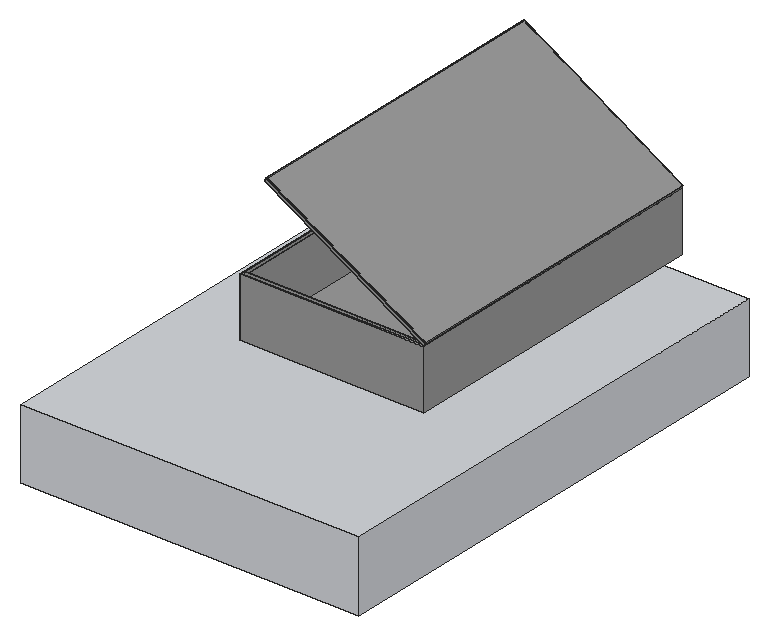
Revit family "Hager-Univers-IP55-D275-H1400-Cl.II-Steel_encl-PT-pt", category Equipement électrique, Revit 2020
Family settings
  Hôte = Face
  Configuration du panneau = Deux colonnes, circuits au sein
  Cote de connecteur circulaire = Utiliser le diamètre
  Type d'élément = Tableau de raccordement
  Couper avec des vides une fois chargée = Non
  Partagée = Non
  Point de calcul de pièce = Non
Parameters (values of type "Montagem em superfície (gesso) IP55 L800 A1400 P275  - FR93S")
  Width Control [instance] = if([EF000008 - Largura] > Min Width, [EF000008 - Largura], Min Width)  # 800 mm
  Commentaires du type = [HG000003 - Gama]  # "Univers"
  Thickness Door [instance] = if([EF009171 - Espessura do material da porta/tampa] > 3 mm, 3 mm, [EF009171 - Espessura do material da porta/tampa])  # 1.5 mm
  Seal Frame Offset [instance] = 17 mm  # constant formula
  Plinth Visibility [instance] = [HG000027 - Altura da Plinta] > 0 mm  # no
  Model = ""
  Min Width [instance] = 100 mm  # constant formula
  Min Height [instance] = 100 mm  # constant formula
  Min Depth [instance] = (2 * [EF009170 - Espessura do material do invólucro]) + 1 mm  # 4 mm
  Internal Frame Depth [instance] = (Door System Depth * 0.5)  # 9 mm
  Height Control [instance] = if([EF000040 - Altura] > Min Height, [EF000040 - Altura], Min Height)  # 1400 mm
  HG000027 - Altura da Plinta = 0 mm
  HG000026 - Instalação no chão = no
  HG000024 - Altura da secção inferior = 800 mm
  HG000023 - Recinto de secção dupla = no
  HG000016 - Visibilidade da porta 3D [instance] = yes
  HG000015 - Visibilidade através da porta [instance] = no
  HG000014 - Porta à direita [instance] = yes
  HG000013 - Porta à esquerda [instance] = not([HG000014 - Porta à direita])  # no
  HG000012 - Ângulo de abertura de porta [instance] = 30.00°
  HG000010 - Portas assimétricas = no
  HG000009 - Porta dupla = no
  HG000006 - Encastrado = no
  HG000004 - Referência do Fabricante = "FR93S"
  HG000003 - Gama = "Univers"
  HG000002 - Com porta ou tampa = yes
  Frame Offset Bottom [instance] = 10 mm  # constant formula
  Frame Offset [instance] = 15 mm  # constant formula
  EF015940 - Tampa com libertação de sobrepressão = no
  EF011959 - Grau de proteção (NEMA) = ""
  EF009554 - Número de aberturas para placas de flange = 6
  Fabricant = "Hager"  # constant formula
  EF009212 - Tipo de tampa = "EV000116 - Fechado"
  EF009171 - Espessura do material da porta/tampa = 1.5 mm
  EF009170 - Espessura do material do invólucro = 1.5 mm
  EF008873 - Corrente nominal (In) = 800 A
  EF007800 - Adequado para proteção contra raios = no
  EF006306 - Com fecho = no
  EF006244 - Tampa/porta transparente = no
  EF005474 - Grau de proteção (IP) = "EV006420 - IP55"
  EF004464 - Tipo de porta = "EV002646 - Único"
  EF004427 - Número de módulos = 324
  EF004293 - Força de impacto = "EV008784 - IK10"
  EF003532 - Adequado para uso no exterior = no
  EF002950 - Largura em número de módulos = 24
  EF001613 - Integridade do circuito = "EV000494 - Nenhum"
  EF001596 - Material do corpo = "EV000179 - Aço"
  EF001131 - Profundidade interior = 275 mm
  EF001088 - Extensão possível = yes
  EF000437 - Número de entradas de condutores = 6
  EF000339 - Tipo de difusor = "EV004216 - Porta"
  EF000266 - Número de linhas = 9
  EF000218 - Profundidade incorporada = 0 mm
  EF000118 - Com tampa de montagem = no
  EF000116 - Número RAL = "7035"
  EF000049 - Profundidade = 275 mm
  EF000040 - Altura = 1400 mm
  EF000008 - Largura = 800 mm
  EF000007 - Cor = "EV000270 - Cinzento"
  EF000003 - Método de montagem = "EV000384 - Montagem em superfície (gesso)"
  Door System Leaf Tolerance [instance] = 1.5 mm  # constant formula
  Door System Depth [instance] = 18 mm  # constant formula
  Door Height [instance] = Height Control - [HG000027 - Altura da Plinta]  # 1400 mm
  Depth Control [instance] = if([EF000049 - Profundidade] > Min Depth, [EF000049 - Profundidade], Min Depth)  # 275 mm
  Default Elevation = 0 mm
  Connector Offset [instance] = Height Control / 2  # 700 mm
  Bottom Top Plate Trim [instance] = 1.5 mm  # constant formula
  Plinth height Ctrl [instance] = if([HG000027 - Altura da Plinta] > 0 mm, [HG000027 - Altura da Plinta], 12 mm)  # 12 mm
Types (5, lengths in mm): name | Width Control | HG000010 - Portas assimétricas | HG000009 - Porta dupla | HG000004 - Referência do Fabricante | EF009554 - Número de aberturas para placas de flange | EF004464 - Tipo de porta | EF004427 - Número de módulos | EF000437 - Número de entradas de condutores | EF000008 - Largura
  Montagem em superfície (gesso) IP55 L1050 A1400 P275  - FR94S | 1050 | no | yes | "FR94S" | 8 | "EV003602 - Duplo" | 432 | 8 | 1050
  Montagem em superfície (gesso) IP55 L1300 A1400 P275  - FR95S | 1300 | yes | yes | "FR95S" | 10 | "EV003602 - Duplo" | 540 | 10 | 1300
  Montagem em superfície (gesso) IP55 L300 A1400 P275  - FR91S | 300 | no | no | "FR91S" | 2 | "EV002646 - Único" | 108 | 2 | 300
  Montagem em superfície (gesso) IP55 L550 A1400 P275  - FR92S | 550 | no | no | "FR92S" | 4 | "EV002646 - Único" | 216 | 4 | 550
  Montagem em superfície (gesso) IP55 L800 A1400 P275  - FR93S | 800 | no | no | "FR93S" | 6 | "EV002646 - Único" | 324 | 6 | 800
Reference planes
  plane 1 "Center (Front/Back)": y = 0
  plane 2: z = 0
  plane 3 "Center (Left/Right)": x = 0
  plane 4: z = 275
  plane 5: y = 1.5
  plane 6: y = 700
  plane 7: y = 0
  plane 8: y = 1400
  plane 9: z = 0
  plane 10: x = -385
  plane 11: x = 385
  plane 12: x = 383.5
  plane 13: x = -383.5
  plane 14: y = 1398.5
  plane 15: x = -383
  plane 16: x = -400
  plane 17: x = 383
  plane 18: x = 400
  plane 19: x = 398.5
  plane 20: x = -398.5
  plane 21: y = 11.5
  plane 22: y = 1400
  plane 23: y = 1383.5
  plane 24: z = 257
  plane 25: z = 1.5
  plane 26: z = 255.5
  plane 27: z = 273.5
Forms (mm)
  Extrusion 1, solid
    sketch origin (0, 0, 0) x (1, 0, 0) y (0, 1, 0)
      loop
        line (-702.964, 1305) -> (-702.964, -811.445) -> (766.763, -811.445) -> (766.763, 1305) -> (-702.964, 1305)
    from 0 to -304.8
  Extrusion 2, solid, material "Hager_Steel_RAL7035_Light_Grey", visible <- "Plinth Visibility", detail levels medium+fine
    sketch origin (0, 0, 0) x (1, 0, 0) y (0, 1, 0)
      loop
        line (-400, 0) -> (400, 0) -> (400, 12) -> (-400, 12) -> (-400, 0)
    from 0 to 257
  Extrusion 3, solid, material "Hager_Steel_RAL7035_Light_Grey", detail levels medium+fine
    sketch origin (0, 0, 0) x (1, 0, 0) y (0, 1, 0)
      loop
        line (-400, 0) -> (400, 0) -> (400, 1400) -> (-400, 1400) -> (-400, 0)
    from 0 to 257
  Extrusion 4, void
    sketch origin (0, 0, 0) x (1, 0, 0) y (0, 1, 0)
      loop
        line (-398.5, 1.5) -> (398.5, 1.5) -> (398.5, 1398.5) -> (-398.5, 1398.5) -> (-398.5, 1.5)
    from 1.5 to 255.5
  Extrusion 5, void
    sketch origin (-381.607, -4572, 257) x (0, -1, 0) y (-1, 0, 0)
      loop
        line (-4583.5, 1.893) -> (-5955.5, 1.893) -> (-5955.5, -765.107) -> (-4583.5, -765.107) -> (-4583.5, 1.893)
    from 0 to 1.5 <- "EF009170 - Espessura do material do invólucro"
  Extrusion 6, solid, material "Hager_Steel_RAL7035_Light_Grey", detail levels fine
    sketch origin (0, 0, 257) x (1, 0, 0) y (0, 1, 0)
      loop
        line (-383.5, 1383.5) -> (-383.5, 11.5) -> (383.5, 11.5) -> (383.5, 1383.5) -> (-383.5, 1383.5)
      loop
        line (-385, 10) -> (385, 10) -> (385, 1385) -> (-385, 1385) -> (-385, 10)
    from 0 to 9 <- "Internal Frame Depth"
  Extrusion 7, solid, material "Hager_Steel_RAL7035_Light_Grey", detail levels coarse
    sketch origin (0, 0, 0) x (1, 0, 0) y (0, 1, 0)
      loop
        line (-400, 0) -> (400, 0) -> (400, 1400) -> (-400, 1400) -> (-400, 0)
    from 0 to 275
  Sweep 8, void
    path in 3D
      loop
        line (-400, 12, 0) -> (400, 12, 0) -> (400, 12, 257) -> (-400, 12, 257) -> (-400, 12, 0)
    profile origin (-400, 12, 128.5) x (-1, 0, 0) y (0, -1, 0)
      loop
        line (0, 0) -> (0, 1.5) -> (-1.5, 1.5)
        arc (-1.5, 1.5) -> (-1.061, 0.439) -> (0, 0) r 1.5
Cuts and joins
  Extrusion 4, Extrusion 5 cuts Extrusion 3
  Sweep 8 cuts Extrusion 2
Lines and regions (mm)
  Masking region 1
    outline origin (0, 0, 0) x (1, 0, 0) y (0, 0, 1)
      loop
        line (-400, 275) -> (-400, 0) -> (400, 0) -> (400, 275) -> (-400, 275)
  Masking region 2, detail levels medium+fine
    outline origin (0, 140, 0) x (0, 1, 0) y (0, 0, 1)
      loop
        line (-140, 0) -> (1260, 0) -> (1260, 257) -> (-140, 257) -> (-140, 0)
  Masking region 3, not visible, detail levels medium+fine
    outline origin (0, 297.922, 0) x (0, 1, 0) y (0, 0, 1)
      loop
        line (413.578, 0) -> (453.578, 0) -> (453.578, 263.5)
        arc (453.578, 263.5) -> (450.649, 270.571) -> (443.578, 273.5) r 10
        line (443.578, 273.5) -> (413.578, 273.5) -> (413.578, 0)
  Masking region 4, detail levels coarse
    outline origin (0, 0, 180) x (0, 1, 0) y (0, 0, 1)
      loop
        line (0, -180) -> (1400, -180) -> (1400, 95) -> (0, 95) -> (0, -180)
  Masking region 5, visible <- "Plinth Visibility", detail levels medium+fine
    outline origin (0, 52.24, 12.345) x (0, 0, -1) y (0, 1, 0)
      loop
        line (10.845, -40.24) -> (-243.155, -40.24)
        arc (-243.155, -40.24) -> (-243.594, -41.301) -> (-244.655, -41.74) r 1.5
        line (-244.655, -41.74) -> (-244.655, -52.24) -> (12.345, -52.24) -> (12.345, -41.74)
        arc (12.345, -41.74) -> (11.285, -41.301) -> (10.845, -40.24) r 1.5
  Masking region 6, detail levels medium+fine
    outline origin (-381.607, -4572, 257) x (-1, 0, 0) y (0, -1, 0)
      loop
        line (18.393, -5972) -> (18.393, -4572) -> (-781.607, -4572) -> (-781.607, -5972) -> (18.393, -5972)
  Masking region 7, visible <- "Plinth Visibility", detail levels medium+fine
    outline origin (-381.607, -4727, 257) x (-1, 0, 0) y (0, -1, 0)
      loop
        arc (16.893, -4739) -> (17.332, -4737.939) -> (18.393, -4737.5) r 1.5
        line (18.393, -4737.5) -> (18.393, -4727) -> (-781.607, -4727) -> (-781.607, -4737.5)
        arc (-781.607, -4737.5) -> (-780.546, -4737.939) -> (-780.107, -4739) r 1.5
        line (-780.107, -4739) -> (16.893, -4739)
  Masking region 8, detail levels coarse
    outline origin (-442.548, -4669.526, 257) x (-1, 0, 0) y (0, -1, 0)
      loop
        line (-42.548, -6069.526) -> (-42.548, -4669.526) -> (-842.548, -4669.526) -> (-842.548, -6069.526) -> (-42.548, -6069.526)
  sketch lines
    curve 1: line (-400, 12, 257) -> (-400, 12, 0)
    curve 2: line (400, 12, 257) -> (-400, 12, 257)
    curve 3: line (400, 12, 257) -> (400, 12, 0)
    curve 4: line (-400, 12, 0) -> (400, 12, 0)
Dimensions and locks
  "Depth Control": plane 4 to Extrusion 1
  "HG000027 - Altura da Plinta": plane 1 "Center (Front/Back)" to plane 7
  "EF009170 - Espessura do material do invólucro": plane 5 to plane 7
  locked: connector elem to plane 3 "Center (Left/Right)"
  equal spacing: plane 8, plane 6, plane 7
  locked: connector elem to plane 6
  "EF009170 - Espessura do material do invólucro": plane 8 to plane 14
  "EF009170 - Espessura do material do invólucro": plane 10 to plane 13
  "EF009170 - Espessura do material do invólucro": plane 12 to plane 11
  "Frame Offset": plane 20 to plane 13
  "Frame Offset": plane 12 to plane 19
  "EF009170 - Espessura do material do invólucro": plane 16 to plane 20
  "EF009170 - Espessura do material do invólucro": plane 19 to plane 18
  "Seal Frame Offset": plane 16 to plane 15
  "Seal Frame Offset": plane 17 to plane 18
  "Frame Offset Bottom": plane 21 to plane 5
  "Frame Offset": plane 14 to plane 23
  equal spacing: plane 16, plane 3 "Center (Left/Right)", plane 18
  "Width Control": plane 16 to plane 18
  "EF009170 - Espessura do material do invólucro": plane 4 to plane 27
  "EF009170 - Espessura do material do invólucro": plane 24 to plane 26
  "EF009170 - Espessura do material do invólucro": plane 25 to level
  "Door System Depth": plane 4 to plane 24
  "Height Control": plane 1 "Center (Front/Back)" to Extrusion 7 sketch curve
  "Height Control": Masking region 4 sketch curve to plane 1 "Center (Front/Back)"
  "Height Control": plane 1 "Center (Front/Back)" to plane 22
  "Bottom Top Plate Trim": profile plane to Sweep 8 sketch curve
  "Bottom Top Plate Trim": Sweep 8 sketch curve to profile plane
  "Plinth height Ctrl": plane 1 "Center (Front/Back)" to Extrusion 2 sketch curve
  "Plinth height Ctrl": Masking region 5 sketch curve to plane 1 "Center (Front/Back)"
  "Plinth height Ctrl": plane 1 "Center (Front/Back)" to Masking region 7 sketch curve
  "Thickness Door": Extrusion 6 sketch curve to Extrusion 6 sketch curve  (x3)
  "Thickness Door": cut or joined group of Extrusion 3, Extrusion 4, Extrusion 5 to Extrusion 6 sketch curve
  radius of Masking region 3 sketch curve = 10 mm
  "Bottom Top Plate Trim": radius of Masking region 5 sketch curve  (x2)
  "Bottom Top Plate Trim": radius of Sweep 8 sketch curve
  "Bottom Top Plate Trim": radius of Masking region 7 sketch curve  (x2)
  aligned and locked: plane 2 to Extrusion 1
  aligned and locked: level to Extrusion 1
  aligned and locked: level to Masking region 1 sketch curve
  aligned and locked: Masking region 1 sketch curve to plane 18
  aligned and locked: Masking region 1 sketch curve to plane 16
  aligned and locked: plane 7 to Masking region 2 sketch curve
  aligned and locked: level to Masking region 3 sketch curve
  aligned and locked: Masking region 3 sketch curve to plane 27
  aligned and locked: level to Masking region 2 sketch curve
  aligned and locked: plane 1 "Center (Front/Back)" to Extrusion 2 sketch curve
  aligned and locked: Extrusion 3 sketch curve to plane 7
  aligned and locked: plane 16 to Extrusion 3 sketch curve
  aligned and locked: plane 18 to Extrusion 3 sketch curve
  aligned and locked: plane 20 to Extrusion 4 sketch curve
  aligned and locked: plane 19 to Extrusion 4 sketch curve
  aligned and locked: Extrusion 4 sketch curve to plane 5
  aligned and locked: Extrusion 4 to plane 25
  aligned and locked: plane 26 to Extrusion 4
  aligned and locked: plane 24 to Extrusion 3
  aligned and locked: Extrusion 5 sketch curve to plane 21
  aligned and locked: Extrusion 5 sketch curve to plane 13
  aligned and locked: Extrusion 5 sketch curve to plane 12
  aligned and locked: plane 18 to Extrusion 7 sketch curve
  aligned and locked: plane 1 "Center (Front/Back)" to Extrusion 7 sketch curve
  aligned and locked: plane 16 to Extrusion 7 sketch curve
  aligned and locked: plane 4 to Extrusion 7
  aligned and locked: Extrusion 7 to level
  aligned and locked: level to Masking region 4 sketch curve
  aligned and locked: Masking region 4 sketch curve to plane 1 "Center (Front/Back)"
  aligned and locked: Masking region 4 sketch curve to plane 4
  aligned and locked: nested 1 to level
  aligned and locked: nested 1 to plane 16
  aligned and locked: plane 8 to Extrusion 3 sketch curve
  aligned and locked: plane 23 to Extrusion 5 sketch curve
  aligned and locked: plane 14 to Extrusion 4 sketch curve
  aligned and locked: Masking region 2 sketch curve to plane 8
  aligned and locked: level to Masking region 5 sketch curve
  aligned and locked: plane 16 to Extrusion 2 sketch curve
  aligned and locked: plane 18 to Extrusion 2 sketch curve
  aligned and locked: Masking region 5 sketch curve to plane 24
  aligned and locked: Masking region 2 sketch curve to plane 24
  aligned and locked: plane 24 to Extrusion 2
  aligned and locked: profile plane to Sweep 8 sketch curve  (x2)
  aligned and locked: Masking region 6 sketch curve to plane 18
  aligned and locked: Masking region 6 sketch curve to plane 22
  aligned and locked: Masking region 6 sketch curve to plane 16
  aligned and locked: plane 8 to plane 22
  aligned and locked: Masking region 6 sketch curve to plane 7
  aligned and locked: Masking region 7 sketch curve to plane 16
  aligned and locked: Masking region 7 sketch curve to plane 1 "Center (Front/Back)"
  aligned and locked: Masking region 7 sketch curve to plane 18
  aligned and locked: Masking region 8 sketch curve to plane 1 "Center (Front/Back)"
  aligned and locked: Masking region 8 sketch curve to plane 18
  aligned and locked: Masking region 8 sketch curve to plane 22
  aligned and locked: Masking region 8 sketch curve to plane 16
  aligned and locked: nested 2 to plane 7
  aligned and locked: plane 3 "Center (Left/Right)" to nested 2
  aligned and locked: nested 2 to plane 24
  aligned and locked: Extrusion 6 sketch curve to cut or joined group of Extrusion 3, Extrusion 4, Extrusion 5  (x4)
Automatic sketch dimensions
  Extrusion 1 sketch curve to Extrusion 1 sketch curve = 1469.727 mm
  Extrusion 1 sketch curve to Extrusion 1 sketch curve = 2116.445 mm
  Masking region 1 sketch curve to plane 4 = 0 mm
  plane 6 to Masking region 3 sketch curve = 11.5 mm
  Masking region 3 sketch curve to Masking region 3 sketch curve = 30 mm
  Masking region 5 sketch curve to plane 1 "Center (Front/Back)" = 0 mm
Nested families
  nested 1: "Hager_Enclosure_Symbol" at (-400, 0, 0) x (1, 0, 0) z (0, -1, 0), Height <- "Depth Control", Width <- "Width Control", type "Hager_Enclosure_Symbol"
    with Width_Ctrl 800 mm, Width 800 mm, Height_Ctrl 275 mm, Height 275 mm, A_Width_Int 18.047 mm, A_Width 216.562 mm, A_Height_Ctrl 240.625 mm, A_Height 240.625 mm
  nested 2: "EC000058_Univers_Door" at (0, 0, 257) x (1, 0, 0) z (0, 1, 0), Leaf_Tolerance <- "Door System Leaf Tolerance", Angle <- "HG000012 - Ângulo de abertura de porta", Door_Depth <- "Door System Depth", Door_Left <- "HG000013 - Porta à esquerda", Transparent <- "EF006244 - Tampa/porta transparente", Assymetrical <- "HG000010 - Portas assimétricas", Width <- "Width Control", Clearance <- "HG000015 - Visibilidade através da porta", Double <- "HG000009 - Porta dupla", 3d_Door <- "HG000016 - Visibilidade da porta 3D", Lock_Visibility <- "EF006306 - Com fecho", Width_Ctrl <- "Width Control", Door_Right <- "HG000014 - Porta à direita", Door <- "HG000002 - Com porta ou tampa", Height <- "Door Height", Thickness <- "Thickness Door", type "EC000058_Univers_Door", detail levels medium+fine
    with min_wh 4 mm, Width_Ctrl 800 mm, Width 800 mm, Transparent no, Thickness 1.5 mm, Seal_Material Hager_Rubber, Lock_Visibility no, Lock_Material Hager_Plastic_RAL9005_Jet_Black, Leaf_Width 800 mm, Leaf_Tolerance_External_Sides 0 mm, Leaf_Tolerance 1.5 mm, Leaf_Offset 0 mm, Leaf_Height 1397 mm, Leaf_2_Width 800 mm, Leaf_2_Offset 400 mm, Leaf_1_Width 800 mm, Leaf_1_Offset 400 mm, Height_Ctrl 1400 mm, Height 1400 mm, Glass_Material Hager_Glass, Double_Clearance_Ctrl no, Double no, Door_Right_Ctrl yes, Door_Right yes, Door_Material Hager_Steel_RAL7035_Light_Grey, Door_Left_Ctrl no, Door_Left no, Door_Depth 18 mm, Door yes, Clearance_Material Hager_Clearance, Clearance_Depth 800 mm, Clearance_Ctrl no, Clearance no, Assymetrical no, Angle 30.00°, 3d_Door yes
Connectors
  electrical at (0, 700, 0)
    settings: on plane 9, index 1, voltage 0 V, apparent load 0 VA, apparent load phase1 0 VA, apparent load phase2 0 VA, apparent load phase3 0 VA, power factor 1, load classification "Other", number of poles 1, system type 30, power factor state 1, is connector primary yes, connector utility no, sub classification motor no, connector description ""
Definition of nested family "EC000058_Univers_Door"
  Parameters (values of type "EC000058_Univers_Door")
    min_wh [instance] = (2 * Thickness) + 1 mm  # 11 mm
    Width_Ctrl [instance] = 400 mm
    Width [instance] = 500 mm
    Transparent [instance] = yes
    Thickness [instance] = 5 mm
    Seal_Material [instance] = none
    Lock_Visibility [instance] = yes
    Lock_Material [instance] = none
    Leaf_Width [instance] = if((Width_Ctrl - 2 * Leaf_Tolerance_External_Sides) > 0 mm, (Width_Ctrl - 2 * Leaf_Tolerance_External_Sides), min_wh)  # 400 mm
    Leaf_Tolerance_External_Sides [instance] = 0 mm  # constant formula
    Leaf_Tolerance [instance] = 1.5 mm
    Leaf_Offset [instance] = 0 mm  # constant formula
    Leaf_Height [instance] = if((Height_Ctrl - 2 * Leaf_Tolerance) > 0 mm, (Height_Ctrl - 2 * Leaf_Tolerance), min_wh)  # 497 mm
    Leaf_2_Width [instance] = if(and(and(Double, Assymetrical), Door_Left), (Leaf_Width / 3) - (Leaf_Tolerance / 2), if(and(and(Double, Assymetrical), Door_Right), (Leaf_Width / 3) * 2 - (Leaf_Tolerance / 2), if(and(Double, not(Assymetrical)), (Leaf_Width / 2) - Leaf_Tolerance, Leaf_Width)))  # 400 mm
    Leaf_2_Offset [instance] = if(and(Double, Assymetrical), Leaf_2_Width / 2, if(and(Double, not(Assymetrical)), Leaf_Width / 4, Leaf_Width / 2))  # 200 mm
    Leaf_1_Width [instance] = if(and(and(Double, Assymetrical), Door_Right), (Leaf_Width / 3) - (Leaf_Tolerance / 2), if(and(and(Double, Assymetrical), Door_Left), (Width / 3) * 2 - (Leaf_Tolerance / 2), if(and(Double, not(Assymetrical)), (Leaf_Width / 2) - Leaf_Tolerance, Leaf_Width)))  # 400 mm
    Leaf_1_Offset [instance] = if(and(Double, Assymetrical), Leaf_1_Width / 2, if(and(Double, not(Assymetrical)), Leaf_Width / 4, Leaf_Width / 2))  # 200 mm
    Height_Ctrl [instance] = if(Height > min_wh, Height, min_wh)  # 500 mm
    Height [instance] = 500 mm
    Glass_Material [instance] = none
    Double_Clearance_Ctrl [instance] = and(Double, Clearance)  # no
    Double [instance] = no
    Door_Right_Ctrl [instance] = and(or(Door_Right, Double), Door)  # yes
    Door_Right [instance] = yes
    Door_Material [instance] = none
    Door_Left_Ctrl [instance] = and(or(Door_Left, Double), Door)  # no
    Door_Left [instance] = no
    Door_Depth [instance] = 30 mm
    Door [instance] = yes
    Default Elevation = 1219.2 mm
    Clearance_Material [instance] = none
    Clearance_Depth [instance] = if(Leaf_1_Width > Leaf_2_Width, Leaf_1_Width, Leaf_2_Width)  # 400 mm
    Clearance_Ctrl [instance] = and(not(Double), Clearance)  # yes
    Clearance [instance] = yes
    Assymetrical [instance] = yes
    Angle [instance] = 30.00°
    3d_Door [instance] = yes
  Reference planes
    plane 1 "Center (Front/Back)": y = 0
    plane 2 "Bottom": z = 0
    plane 3 "Center (Left/Right)": x = 0
    plane 4: z = 500
    plane 5: x = -200
    plane 6: x = 200
    plane 7: z = 500
    plane 8: x = -200
    plane 9: z = 0
    plane 10: x = 200
    plane 11: y = 0
    plane 12: z = 1.5
    plane 13: x = -600
    plane 14: y = -400
    plane 15: x = 600
    plane 16: x = 0
    plane 17: x = 0
    plane 18: x = -200
    plane 19: x = 200
    plane 20: z = 498.5
  Forms (mm)
    Extrusion 1, solid, material <- "Clearance_Material", visible <- "Double_Clearance_Ctrl"
      sketch origin (1200, 0, 0) x (1, 0, 0) y (0, 0, -1)
        loop
          line (-1800, -498.5) -> (-600, -498.5) -> (-600, 0) -> (-1800, 0) -> (-1800, -498.5)
      from 0 to -400
  Dimensions and locks
    equal spacing: plane 5, plane 3 "Center (Left/Right)", plane 6
    "Width_Ctrl": plane 5 to plane 6
    "Leaf_Offset": plane 5 to plane 8
    "Leaf_Offset": plane 6 to plane 10
    "Leaf_Offset": plane 9 to level
    "Leaf_Offset": plane 4 to plane 7
    "Height_Ctrl": plane 4 to level
    "Leaf_Tolerance": plane 12 to plane 9
    locked: plane 11 to plane 1 "Center (Front/Back)"
    "Leaf_1_Offset": plane 18 to plane 16
    "Leaf_2_Offset": plane 17 to plane 19
    "Leaf_1_Width": plane 13 to plane 8
    "Leaf_2_Width": plane 10 to plane 15
    "Clearance_Depth": plane 14 to plane 1 "Center (Front/Back)"
    "Leaf_Tolerance_External_Sides": plane 8 to plane 18
    "Leaf_Tolerance_External_Sides": plane 19 to plane 10
    "Leaf_Tolerance": plane 7 to plane 20
    aligned and locked: level to plane 2 "Bottom"
    aligned and locked: nested 1 to plane 16
    aligned and locked: nested 2 to plane 17
    aligned and locked: Extrusion 1 to plane 13
    aligned and locked: plane 15 to Extrusion 1
    aligned and locked: Extrusion 1 to plane 14
    aligned and locked: plane 12 to nested 1
    aligned and locked: nested 2 to plane 12
    aligned and locked: Extrusion 1 to plane 11
    aligned and locked: plane 20 to Extrusion 1
    aligned and locked: nested 2 to plane 11
    aligned and locked: nested 1 to plane 11
  Automatic sketch dimensions
    Extrusion 1 sketch curve to level = 0 mm
    plane 5 to Extrusion 1 sketch curve = 400 mm
    plane 6 to Extrusion 1 sketch curve = 400 mm
    Extrusion 1 sketch curve to plane 4 = 1.5 mm
  Nested families
    nested 1: "EC000058_Univers_Door_Leaf" at (0, 0, 1.5), Width <- "Leaf_1_Width", visible <- "Door_Left_Ctrl", Leaf_Height <- "Leaf_Height", Angle <- "Angle", 3d_Door <- "3d_Door", Transparent <- "Transparent", Clearance Material <- "Clearance_Material", Clearance <- "Clearance_Ctrl", Door_Material <- "Door_Material", Glass_Material <- "Glass_Material", Door_Depth <- "Door_Depth", Lock_Material <- "Lock_Material", Seal_Material <- "Seal_Material", Lock_Visibility <- "Lock_Visibility", Thickness <- "Thickness", type "EC000058_Univers_Door_Leaf"
      with Width 400 mm, Transparent_Glass_Offset 30 mm, Transparent_Ctrl yes, Transparent yes, Thickness 5 mm, Standard no, Seal_Material none, Seal_D2 8 mm, Seal_D1 1 mm, Offset_Internal_Frame 10 mm, Lock_Width 20 mm, Lock_Visibility_3d yes, Lock_Visibility yes, Lock_Thickness_3 3 mm, Lock_Thickness_2 1 mm, Lock_Thickness_1 3 mm, Lock_Radius_Offset_2 16 mm, Lock_Radius_Offset_1 15 mm, Lock_Radius_2 5 mm, Lock_Radius 6 mm, Lock_Offset 5 mm, Lock_Material none, Lock_Height 80 mm, Lock_Cover_Top_Offset_2d 17 mm, Lock_Cover_Height -65 mm, Leaf_Height 497 mm, Internal_Seal_Thickness 8 mm, Internal_Seal_Depth_2 4.5 mm, Internal_Frame_Depth 25 mm, Glass_Thickness -1 mm, Glass_Offset -2 mm, Glass_Material none, Door_Material none, Door_Depth 30 mm, Clearance Material none, Clearance yes, Angle_Ctrl 30.00°, Angle 30.00°, 3d_Door yes
    nested 2: "EC000058_Univers_Door_Leaf" at (0, 0, 1.5) x (-1, 0, 0) z (0, 0, 1), Width <- "Leaf_2_Width", visible <- "Door_Right_Ctrl", Leaf_Height <- "Leaf_Height", Angle <- "Angle", 3d_Door <- "3d_Door", Transparent <- "Transparent", Clearance Material <- "Clearance_Material", Clearance <- "Clearance_Ctrl", Door_Material <- "Door_Material", Glass_Material <- "Glass_Material", Door_Depth <- "Door_Depth", Lock_Material <- "Lock_Material", Seal_Material <- "Seal_Material", Lock_Visibility <- "Lock_Visibility", Thickness <- "Thickness", type "EC000058_Univers_Door_Leaf"
      with Width 400 mm, Transparent_Glass_Offset 30 mm, Transparent_Ctrl yes, Transparent yes, Thickness 5 mm, Standard no, Seal_Material none, Seal_D2 8 mm, Seal_D1 1 mm, Offset_Internal_Frame 10 mm, Lock_Width 20 mm, Lock_Visibility_3d yes, Lock_Visibility yes, Lock_Thickness_3 3 mm, Lock_Thickness_2 1 mm, Lock_Thickness_1 3 mm, Lock_Radius_Offset_2 16 mm, Lock_Radius_Offset_1 15 mm, Lock_Radius_2 5 mm, Lock_Radius 6 mm, Lock_Offset 5 mm, Lock_Material none, Lock_Height 80 mm, Lock_Cover_Top_Offset_2d 17 mm, Lock_Cover_Height -65 mm, Leaf_Height 497 mm, Internal_Seal_Thickness 8 mm, Internal_Seal_Depth_2 4.5 mm, Internal_Frame_Depth 25 mm, Glass_Thickness -1 mm, Glass_Offset -2 mm, Glass_Material none, Door_Material none, Door_Depth 30 mm, Clearance Material none, Clearance yes, Angle_Ctrl 30.00°, Angle 30.00°, 3d_Door yes
  Definition of nested family "EC000058_Univers_Door_Leaf"
    Parameters (values of type "EC000058_Univers_Door_Leaf")
      Width [instance] = 2000 mm
      Transparent_Glass_Offset [instance] = 30 mm
      Transparent_Ctrl [instance] = and(Transparent, [3d_Door])  # yes
      Transparent [instance] = yes
      Thickness [instance] = 5 mm
      Standard [instance] = and(not(Transparent), [3d_Door])  # no
      Seal_Material [instance] = none
      Seal_D2 [instance] = 8 mm  # constant formula
      Seal_D1 [instance] = 1 mm  # constant formula
      Offset_Internal_Frame [instance] = 10 mm  # constant formula
      Lock_Width [instance] = 20 mm  # constant formula
      Lock_Visibility_3d [instance] = and(Lock_Visibility, [3d_Door])  # yes
      Lock_Visibility [instance] = yes
      Lock_Thickness_3 [instance] = 3 mm  # constant formula
      Lock_Thickness_2 [instance] = 1 mm  # constant formula
      Lock_Thickness_1 [instance] = 3 mm  # constant formula
      Lock_Radius_Offset_2 [instance] = Lock_Radius_Offset_1 + 1 mm  # 16 mm
      Lock_Radius_Offset_1 [instance] = 15 mm  # constant formula
      Lock_Radius_2 [instance] = Lock_Radius - 1 mm  # 5 mm
      Lock_Radius [instance] = 6 mm  # constant formula
      Lock_Offset [instance] = 5 mm  # constant formula
      Lock_Material [instance] = none
      Lock_Height [instance] = 80 mm  # constant formula
      Lock_Cover_Top_Offset_2d [instance] = Lock_Radius_Offset_2 + 1 mm  # 17 mm
      Lock_Cover_Height [instance] = -(Lock_Height - Lock_Radius_Offset_1)  # -65 mm
      Leaf_Height [instance] = 2720.336 mm
      Internal_Seal_Thickness [instance] = 8 mm  # constant formula
      Internal_Seal_Depth_2 [instance] = 4.5 mm  # constant formula
      Internal_Frame_Depth [instance] = if(Door_Depth - Thickness > 5 mm, Door_Depth - Thickness, 5 mm)  # 25 mm
      Glass_Thickness [instance] = if(Thickness > 15 mm, Glass_Offset + 10 mm, -1 mm)  # -1 mm
      Glass_Offset [instance] = if(Thickness > 15 mm, -(Thickness + 10 mm) / 2, -2 mm)  # -2 mm
      Glass_Material [instance] = none
      Door_Material [instance] = none
      Door_Depth [instance] = 30 mm
      Default Elevation = 0 mm
      Clearance Material [instance] = none
      Clearance [instance] = yes
      Angle_Ctrl [instance] = if(Angle > 180.00°, 180.00°, Angle)  # 90.00°
      Angle [instance] = 90.00°
      3d_Door [instance] = yes
    Reference planes
      plane 1 "Center (Front/Back)": y = 0
      plane 2: z = 0
      plane 3 "Center (Left/Right)": x = 0
      plane 4: y = 2000
      plane 5: x = -1000
      plane 6: x = 1000
      plane 7: x = -3000
      plane 8: z = 2720.336
      plane 9: z = 30
      plane 10: z = 2690.336
      plane 11: x = 970
      plane 12: x = -970
      plane 13: y = -3
      plane 14: z = 107.833
      plane 15: y = -5
      plane 16: y = -223.314
      plane 17: x = -1000
      plane 18: z = 1360.168
      plane 19: y = 30
    Forms (mm)
      Extrusion 1, solid, material <- "Clearance Material", visible <- "Clearance"
        sketch origin (0, 0, 0) x (1, 0, 0) y (0, 0, 1)
          loop
            line (-3000, 2720.336) -> (-3000, 0) -> (1000, 0) -> (1000, 2720.336) -> (-3000, 2720.336)
        from 0 to -2000
      Extrusion 2, solid, material <- "Door_Material", visible <- "Standard", detail levels medium+fine
        sketch origin (-1000, 0, 0) x (0, 1, 0) y (-1, 0, 0)
          loop
            line (0, 30) -> (0, 25) -> (2000, 25) -> (2000, 30) -> (0, 30)
        from 0 to 2720.336 <- "Leaf_Height"
      Extrusion 3, solid, material <- "Door_Material", visible <- "Transparent_Ctrl", detail levels medium+fine
        sketch origin (-1000, 0, 0) x (0, 1, 0) y (-1, 0, 0)
          loop
            line (0, 25) -> (2000, 25) -> (2000, 30) -> (0, 30) -> (0, 25)
        from 0 to 2720.336 <- "Leaf_Height"
      Extrusion 4, void
        sketch origin (-1025, 2000, 0) x (0, 1, 0) y (0, 0, -1)
          loop
            line (-30, -2690.336) -> (-30, -30) -> (-1970, -30) -> (-1970, -2690.336) -> (-30, -2690.336)
        from 0 to 5 <- "Thickness"
      Sweep 5, solid, material <- "Seal_Material", visible <- "Transparent_Ctrl", detail levels fine
        path in 3D
          loop
            line (-1025, 30, 30) -> (-1025, 30, 2690.336) -> (-1025, 1970, 2690.336) -> (-1025, 1970, 30) -> (-1025, 30, 30)
        profile origin (-1025, 1000, 30) x (1, 0, 0) y (0, 0, 1)
          loop
            line (0, 0) -> (0, -8) -> (1, -8) -> (1, 0) -> (0, 0)
      Extrusion 6, solid, material <- "Glass_Material", visible <- "Transparent_Ctrl", detail levels medium+fine
        sketch origin (-1030, 0, 0) x (0, 1, 0) y (0, 0, -1)
          loop
            line (1970, -2690.336) -> (1970, -30) -> (30, -30) -> (30, -2690.336) -> (1970, -2690.336)
        from -2 <- "Glass_Offset" to -1 <- "Glass_Thickness"
      Extrusion 7, solid, material <- "Door_Material", visible <- "3d_Door", detail levels medium+fine
        sketch origin (-1025, 2000, 0) x (0, -1, 0) y (0, 0, -1)
          loop
            line (0, -2720.336) -> (2000, -2720.336) -> (2000, 0) -> (0, 0) -> (0, -2720.336)
          loop
            line (1995, -5) -> (5, -5) -> (5, -2715.336) -> (1995, -2715.336) -> (1995, -5)
        from 0 to 25 <- "Internal_Frame_Depth"
      Sweep 8, solid, material <- "Seal_Material", visible <- "Transparent_Ctrl", detail levels fine
        path in 3D
          loop
            line (-1025, 0, 0) -> (-1025, 2000, 0) -> (-1025, 2000, 2720.336) -> (-1025, 0, 2720.336) -> (-1025, 0, 0)
        profile origin (-1025, 0, 1360.168) x (1, 0, 0) y (0, 1, 0)
          loop
            line (0, 10) -> (2.975, 10)
            arc (2.975, 10) -> (4.053, 10.447) -> (4.5, 11.525) r 1.525
            line (4.5, 11.525) -> (4.5, 16.527)
            arc (4.5, 16.527) -> (4.069, 17.569) -> (3.027, 18) r 1.473
            line (3.027, 18) -> (0, 18) -> (0, 10)
      Extrusion 9, solid, material <- "Lock_Material", visible <- "Lock_Visibility_3d", detail levels fine
        sketch origin (-1030, 0, 0) x (0, 1, 0) y (0, 0, -1)
          loop
            arc (1993.5, -1400.168) -> (1994.561, -1399.729) -> (1995, -1398.668) r 1.5
            line (1995, -1398.668) -> (1995, -1320.168) -> (1975, -1320.168) -> (1975, -1398.668)
            arc (1975, -1398.668) -> (1975.439, -1399.729) -> (1976.5, -1400.168) r 1.5
            line (1976.5, -1400.168) -> (1993.5, -1400.168)
        from 3 <- "Lock_Thickness_1" to 0
      Blend 10, solid, material <- "Lock_Material", visible <- "Lock_Visibility_3d", detail levels fine
        base sketch origin (-1033, 0, 0) x (0, 1, 0) y (0, 0, -1)
          loop
            line (1975, -1320.168) -> (1975, -1398.668)
            arc (1975, -1398.668) -> (1975.439, -1399.729) -> (1976.5, -1400.168) r 1.5
            line (1976.5, -1400.168) -> (1993.5, -1400.168)
            arc (1993.5, -1400.168) -> (1994.561, -1399.729) -> (1995, -1398.668) r 1.5
            line (1995, -1398.668) -> (1995, -1320.168) -> (1975, -1320.168)
        top sketch origin (-1033, 0, 0) x (0, 1, 0) y (0, 0, -1)
          loop
            line (1976, -1320.168) -> (1976, -1398.668)
            arc (1976, -1398.668) -> (1976.146, -1399.022) -> (1976.5, -1399.168) r 0.5
            line (1976.5, -1399.168) -> (1993.5, -1399.168)
            arc (1993.5, -1399.168) -> (1993.854, -1399.022) -> (1994, -1398.668) r 0.5
            line (1994, -1398.668) -> (1994, -1320.168) -> (1976, -1320.168)
        from 0 to 1 <- "Lock_Thickness_2"
      Blend 11, solid, material <- "Lock_Material", visible <- "Lock_Visibility_3d", detail levels fine
        base sketch origin (-1034, 0, 0) x (0, 1, 0) y (0, 0, -1)
          loop
            line (1978, -1320.168) -> (1978, -1384.168)
            arc (1978, -1384.168) -> (1985, -1391.168) -> (1992, -1384.168) r 7
            line (1992, -1384.168) -> (1992, -1320.168) -> (1978, -1320.168)
        top sketch origin (-1034, 0, 0) x (0, 1, 0) y (0, 0, -1)
          loop
            line (1991, -1320.168) -> (1979, -1320.168) -> (1979, -1383.168)
            arc (1979, -1383.168) -> (1985, -1389.168) -> (1991, -1383.168) r 6
            line (1991, -1383.168) -> (1991, -1320.168)
        from 0 to 3 <- "Lock_Thickness_3"
      Extrusion 12, solid, material <- "Lock_Material", visible <- "Lock_Visibility_3d", detail levels fine
        sketch origin (-1030, 1975, 1320.168) x (1, 0, 0) y (0, -1, 0)
          loop
            line (-7, -19) -> (-7, -1) -> (0, -1) -> (0, 0) -> (-8, 0) -> (-8, -20) -> (0, -20) -> (0, -19) -> (-7, -19)
        from 0 to -65 <- "Lock_Cover_Height"
      Extrusion 13, void
        sketch origin (-1038, 1995, 1320.168) x (-1, 0, 0) y (0, 0, -1)
          loop
            line (-5, -65) -> (0, -65) -> (-5, -60) -> (-5, -65)
        from 0 to 20 <- "Lock_Width"
      Extrusion 14, void
        sketch origin (-1038, 1975, 1320.168) x (0, -1, 0) y (0, 0, -1)
          loop
            circle (-10, -15.995) r 6
          loop
            circle (-10, -15.995) r 5
        from 0 to 2
      Extrusion 15, solid, material <- "Lock_Material", visible <- "Lock_Visibility_3d", detail levels medium
        sketch origin (-1030, 0, 0) x (0, 1, 0) y (0, 0, -1)
          loop
            arc (1993.5, -1400.168) -> (1994.561, -1399.729) -> (1995, -1398.668) r 1.5
            line (1995, -1398.668) -> (1995, -1320.168) -> (1975, -1320.168) -> (1975, -1398.668)
            arc (1975, -1398.668) -> (1975.439, -1399.729) -> (1976.5, -1400.168) r 1.5
            line (1976.5, -1400.168) -> (1993.5, -1400.168)
        from 8 to 0
    Cuts and joins
      Extrusion 4 cuts Extrusion 3
      Extrusion 13, Extrusion 14 cuts Extrusion 9
      Extrusion 14 cuts Blend 11
      Extrusion 13, Extrusion 14 cuts Extrusion 12
      joined: Extrusion 9, Blend 10, Blend 11, Extrusion 12
      Extrusion 14 cuts Extrusion 15
    Lines and regions (mm)
      Masking region 1, visible <- "Lock_Visibility", detail levels fine
        outline origin (0, 0, 0) x (0, 1, 0) y (0, 0, 1)
          loop
            line (30, 1320.168) -> (33, 1320.168) -> (33, 1400.168) -> (30, 1400.168) -> (30, 1320.168)
      Masking region 2, visible <- "Lock_Visibility", detail levels fine
        outline origin (0, 3.143, 0) x (0, 1, 0) y (0, 0, 1)
          loop
            line (29.857, 1354.168) -> (30.857, 1354.168) -> (30.857, 1366.168) -> (29.857, 1366.168) -> (29.857, 1354.168)
      Masking region 3, detail levels medium+fine
        outline origin (0, 0, 0) x (0, 1, 0) y (0, 0, 1)
          loop
            line (0, 0) -> (30, 0) -> (30, 2720.336) -> (0, 2720.336) -> (0, 0)
      Masking region 4, detail levels medium+fine
        outline origin (0, 0, 0) x (1, 0, 0) y (0, 0, 1)
          loop
            line (-1000, 2720.336) -> (-1000, 0) -> (1000, 0) -> (1000, 2720.336) -> (-1000, 2720.336)
      Masking region 5, visible <- "Lock_Visibility", detail levels fine
        outline origin (-47.116, 0, 0) x (1, 0, 0) y (0, 0, 1)
          loop
            arc (1024.616, 1399.168) -> (1023.556, 1398.729) -> (1023.116, 1397.668) r 1.5
            line (1023.116, 1397.668) -> (1023.116, 1320.168) -> (1041.116, 1320.168) -> (1041.116, 1397.668)
            arc (1041.116, 1397.668) -> (1040.677, 1398.729) -> (1039.616, 1399.168) r 1.5
            line (1039.616, 1399.168) -> (1024.616, 1399.168)
      Masking region 6, visible <- "Lock_Visibility", detail levels medium+fine
        outline origin (-25, 0, 0) x (1, 0, 0) y (0, 0, 1)
          loop
            arc (1001.5, 1400.168) -> (1000.439, 1399.729) -> (1000, 1398.668) r 1.5
            line (1000, 1398.668) -> (1000, 1320.168) -> (1020, 1320.168) -> (1020, 1398.668)
            arc (1020, 1398.668) -> (1019.561, 1399.729) -> (1018.5, 1400.168) r 1.5
            line (1018.5, 1400.168) -> (1001.5, 1400.168)
      Masking region 7, visible <- "Lock_Visibility", detail levels fine
        outline origin (-73.735, 0, 0) x (1, 0, 0) y (0, 0, 1)
          loop
            line (1051.735, 1382.168) -> (1065.735, 1382.168) -> (1065.735, 1384.168)
            arc (1065.735, 1384.168) -> (1058.735, 1391.168) -> (1051.735, 1384.168) r 7
            line (1051.735, 1384.168) -> (1051.735, 1382.168)
      Masking region 8, visible <- "Lock_Visibility", detail levels fine
        outline origin (-73.735, 0, 0) x (1, 0, 0) y (0, 0, 1)
          loop
            line (1052.735, 1382.168) -> (1064.735, 1382.168) -> (1064.735, 1383.168)
            arc (1064.735, 1383.168) -> (1058.735, 1389.168) -> (1052.735, 1383.168) r 6
            line (1052.735, 1383.168) -> (1052.735, 1382.168)
      Masking region 9, visible <- "Lock_Visibility", detail levels fine
        outline origin (-25, 0, 0) x (1, 0, 0) y (0, 0, 1)
          loop
            line (1020, 1320.168) -> (1020, 1382.168) -> (1000, 1382.168) -> (1000, 1320.168) -> (1020, 1320.168)
      Masking region 10, detail levels medium+fine
        outline origin (0, 0, 0) x (1, 0, 0) y (0, 0, 1)
          loop
            circle (985, 1335.144) r 6
      Masking region 11, detail levels fine
        outline origin (0, 0, 0) x (1, 0, 0) y (0, 0, 1)
          loop
            circle (985, 1335.144) r 5
      Masking region 12, visible <- "Lock_Visibility", detail levels fine
        outline origin (0, 12.767, 0) x (0, 1, 0) y (0, 0, 1)
          loop
            line (20.233, 1320.168) -> (21.233, 1320.168) -> (21.233, 1399.168) -> (20.233, 1400.168) -> (20.233, 1320.168)
      Masking region 13, visible <- "Lock_Visibility", detail levels fine
        outline origin (0, 13.767, -10) x (0, 1, 0) y (0, 0, 1)
          loop
            line (20.233, 1330.168) -> (23.233, 1330.168) -> (23.233, 1399.168) -> (20.233, 1402.168) -> (20.233, 1330.168)
      Masking region 14, visible <- "Lock_Visibility", detail levels fine
        outline origin (0, 12.767, -10) x (0, 1, 0) y (0, 0, 1)
          loop
            line (20.233, 1330.168) -> (25.233, 1330.168) -> (25.233, 1399.305) -> (20.233, 1394.305) -> (20.233, 1330.168)
      Masking region 15, visible <- "Lock_Visibility", detail levels medium
        outline origin (0, 0, 0) x (0, 1, 0) y (0, 0, 1)
          loop
            line (30, 1320.168) -> (38, 1320.168) -> (38, 1400.168) -> (30, 1400.168) -> (30, 1320.168)
      Masking region 16, visible <- "Lock_Visibility", detail levels fine
        outline origin (-1000, 0, 0) x (0, 1, 0) y (-1, 0, 0)
          loop
            line (1975, 30) -> (1995, 30) -> (1995, 38) -> (1975, 38) -> (1975, 30)
          loop
            line (1979, 37) -> (1976, 37) -> (1976, 34) -> (1978, 34) -> (1979, 37)
          loop
            line (1994, 37) -> (1991, 37) -> (1992, 34) -> (1994, 34) -> (1994, 37)
      Masking region 17, visible <- "Lock_Visibility", detail levels medium
        outline origin (-1000, 0, 0) x (0, 1, 0) y (-1, 0, 0)
          loop
            line (1975, 30) -> (1995, 30) -> (1995, 38) -> (1975, 38) -> (1975, 30)
      symbolic lines
        curve 1: line (1000, 0, 0) -> (-3000, 0, 0)
        curve 2: arc (1000, 0, 0) -> (-1000, 2000, 0) -> (-3000, 0, 0) r 2000
        curve 4: line (-1030, 0, 0) -> (-1030, 2000, 0)
      reference lines
        curve 3: line (-1000, 0, 0) -> (-1000, 2000, 0)
      symbolic lines, detail levels medium+fine
        curve 5: line (-1030, 2000, 0) -> (-1025, 2000, 0)
        curve 7: line (-1025, 0, 0) -> (-1030, 0, 0)
        curve 8: line (-1025, 0, 0) -> (-1000, 0, 0)
        curve 9: line (-1000, 0, 0) -> (-1000, 2000, 0)
        curve 10: line (-1000, 2000, 0) -> (-1025, 2000, 0)
      symbolic lines, detail levels fine
        curve 6: line (-1025, 2000, 0) -> (-1025, 0, 0)
      sketch lines
        curve 11: line (-1025, 0, 2720.336) -> (-1025, 0, 0)
        curve 12: line (-1025, 2000, 0) -> (-1025, 0, 0)
        curve 13: line (-1025, 2000, 2720.336) -> (-1025, 2000, 0)
        curve 14: line (-1025, 0, 2720.336) -> (-1025, 2000, 2720.336)
        curve 15: line (-1025, 1970, 30) -> (-1025, 30, 30)
        curve 16: line (-1025, 30, 30) -> (-1025, 30, 2690.336)
        curve 17: line (-1025, 1970, 2690.336) -> (-1025, 1970, 30)
        curve 18: line (-1025, 30, 2690.336) -> (-1025, 1970, 2690.336)
      symbolic lines, visible <- "Transparent", detail levels medium+fine
        curve 19: line (-970, 0, 2690.336) -> (970, 0, 2690.336)
        curve 20: line (-970, 0, 30) -> (-970, 0, 2690.336)
        curve 21: line (970, 0, 30) -> (-970, 0, 30)
        curve 22: line (970, 0, 2690.336) -> (970, 0, 30)
    Dimensions and locks
      "Width": plane 1 "Center (Front/Back)" to plane 4
      equal spacing: plane 5, plane 3 "Center (Left/Right)", plane 6
      "Width": plane 5 to plane 6
      "Width": plane 7 to plane 5
      "Leaf_Height": plane 8 to level
      "Width": curve 5 to curve 3
      "Width": curve 3 to curve 3
      plane 8 to plane 10 = 30 mm
      plane 9 to level = 30 mm
      plane 12 to plane 5 = 30 mm
      plane 6 to plane 11 = 30 mm
      Extrusion 1 to Extrusion 4 sketch curve = 30 mm
      "Transparent_Glass_Offset": curve 3 to Extrusion 4 sketch curve
      "Transparent_Glass_Offset": Extrusion 4 sketch curve to cut or joined group of Extrusion 3, Extrusion 4  (x2)
      cut or joined group of Extrusion 3, Extrusion 4 to Extrusion 6 sketch curve = 30 mm
      "Transparent_Glass_Offset": cut or joined group of Extrusion 3, Extrusion 4 to Extrusion 4 sketch curve
      "Thickness": curve 6 to curve 4
      "Thickness": Extrusion 7 sketch curve to Extrusion 7 sketch curve  (x4)
      "Door_Depth": curve 4 to curve 3
      "Offset_Internal_Frame": profile plane to Sweep 8 sketch curve
      "Internal_Seal_Thickness": Sweep 8 sketch curve to Sweep 8 sketch curve
      "Internal_Seal_Depth_2": profile plane to Sweep 8 sketch curve
      "Seal_D1": profile plane to Sweep 5 sketch curve
      "Seal_D2": profile plane to Sweep 5 sketch curve
      "Thickness": Extrusion 2 sketch curve to Extrusion 2 sketch curve
      equal spacing: Extrusion 9 sketch curve, plane 18, Extrusion 9 sketch curve  (x2)
      equal spacing: Masking region 1 sketch curve, plane 18, Masking region 1 sketch curve
      "Lock_Height": Masking region 1 sketch curve to Masking region 1 sketch curve
      "Lock_Radius": Masking region 2 sketch curve to plane 18 to Masking region 2 sketch curve
      Masking region 2 sketch curve to Masking region 1 = 1 mm
      "Door_Depth": plane 19 to plane 1 "Center (Front/Back)"
      "Lock_Thickness_1": Masking region 1 sketch curve to plane 19
      "Lock_Width": Extrusion 9 sketch curve to Extrusion 9 sketch curve
      "Lock_Height": Extrusion 9 sketch curve to Extrusion 9 sketch curve
      "Lock_Offset": cut or joined group of Extrusion 3, Extrusion 4 to Extrusion 9 sketch curve
      equal spacing: plane 8, plane 18, level
      "Lock_Radius_Offset_1": Blend 11 sketch curve to Blend 10
      locked: Blend 10 to Blend 11 sketch curve at 2  (x2)
      locked: var sketch to Blend 11 sketch curve at 1  (x2)
      "Lock_Radius_Offset_2": Blend 11 sketch curve to Blend 10
      locked: Extrusion 12 sketch curve to Extrusion 12 sketch curve at 1  (x3)
      Masking region 6 sketch curve to Masking region 6 sketch curve = 80 mm
      "Lock_Height": Masking region 6 sketch curve to Masking region 6 sketch curve
      "Lock_Width": Masking region 6 sketch curve to Masking region 6 sketch curve
      locked: Masking region 6 to Masking region 5 sketch curve at 1  (x3)
      locked: Masking region 5 to Masking region 7 sketch curve at 2  (x2)
      "Lock_Radius_Offset_1": Masking region 5 to Masking region 7 sketch curve
      "Lock_Radius_Offset_2": Masking region 5 to Masking region 8 sketch curve
      locked: Masking region 7 to Masking region 8 sketch curve at 1  (x2)
      "Lock_Cover_Top_Offset_2d": Masking region 5 to Masking region 9 sketch curve
      equal spacing: Masking region 9, Masking region 10 sketch curve, Masking region 9
      equal spacing: Masking region 9, Masking region 11 sketch curve, Masking region 9
      Extrusion 15 sketch curve to Extrusion 15 sketch curve = 80 mm
      "Lock_Width": Extrusion 15 sketch curve to Extrusion 15 sketch curve
      "Lock_Height": Extrusion 15 sketch curve to Extrusion 15 sketch curve
      equal spacing: Extrusion 15 sketch curve, plane 18, Extrusion 15 sketch curve
      "Lock_Thickness_3": Masking region 13 sketch curve to Masking region 13 sketch curve
      "Lock_Height": Masking region 12 sketch curve to Masking region 12 sketch curve
      locked: Masking region 13 sketch curve to Masking region 1 at 8
      locked: Masking region 14 sketch curve to Masking region 13 at 1
      locked: Masking region 14 sketch curve to Masking region 1 at 10.863
      "Lock_Height": Masking region 15 sketch curve to Masking region 15 sketch curve
      "Lock_Offset": Extrusion 15 sketch curve to cut or joined group of Extrusion 3, Extrusion 4
      "Lock_Offset": plane 6 to Masking region 6 sketch curve
      radius of Sweep 8 sketch curve = 1.525 mm
      radius of Sweep 8 sketch curve = 1.473 mm
      radius of Extrusion 9 sketch curve = 1.5 mm  (x2)
      "Lock_Radius": radius of Extrusion 14 sketch curve
      "Lock_Radius_2": radius of Extrusion 14 sketch curve
      "Lock_Radius": radius of Masking region 10 sketch curve
      "Lock_Radius_2": radius of Masking region 11 sketch curve
      radius of Extrusion 15 sketch curve = 1.5 mm  (x2)
      "Angle_Ctrl": angle plane 1 "Center (Front/Back)" to curve 3
      locked: Masking region 12 sketch curve to Masking region 12 sketch curve (angle 45.00°)
      locked: Masking region 13 sketch curve to Masking region 13 sketch curve (angle 45.00°)
      locked: Masking region 14 sketch curve to Masking region 14 sketch curve (angle 45.00°)
      aligned and locked: level to plane 2
      aligned and locked: Extrusion 1 to curve 1
      aligned and locked: plane 6 to Extrusion 1
      aligned and locked: Extrusion 1 to plane 1 "Center (Front/Back)"
      aligned and locked: plane 4 to Extrusion 1
      aligned and locked: plane 8 to Extrusion 1
      aligned and locked: curve 7 to Extrusion 2 sketch curve
      aligned and locked: curve 5 to Extrusion 2 sketch curve
      aligned and locked: curve 7 to Extrusion 3 sketch curve
      aligned and locked: Extrusion 3 sketch curve to curve 4
      aligned and locked: Extrusion 3 sketch curve to curve 6
      aligned and locked: Extrusion 3 sketch curve to curve 5
      aligned and locked: curve 9 to curve 3
      aligned and locked: Extrusion 7 sketch curve to cut or joined group of Extrusion 3, Extrusion 4  (x4)
      aligned and locked: plane 17 to curve 3
      aligned and locked: plane 1 "Center (Front/Back)" to curve 3
      aligned and locked: plane 17 to plane 5
      aligned and locked: Sweep 8 sketch curve to profile plane
      aligned and locked: Sweep 5 sketch curve to profile plane  (x2)
      aligned and locked: Masking region 1 to Masking region 2 sketch curve
      aligned and locked: plane 19 to Masking region 1 sketch curve
      aligned and locked: plane 1 "Center (Front/Back)" to Masking region 3 sketch curve
      aligned and locked: plane 19 to Masking region 3 sketch curve
      aligned and locked: level to Masking region 3 sketch curve
      aligned and locked: Masking region 3 sketch curve to plane 8
      aligned and locked: plane 17 to Masking region 4 sketch curve
      aligned and locked: level to Masking region 4 sketch curve
      aligned and locked: Masking region 4 sketch curve to plane 8
      aligned and locked: plane 12 to curve 20
      aligned and locked: plane 10 to curve 19
      aligned and locked: plane 11 to curve 22
      aligned and locked: curve 21 to plane 9
      aligned and locked: Extrusion 2 sketch curve to cut or joined group of Extrusion 3, Extrusion 4
      aligned and locked: Blend 10 sketch curve to Extrusion 9  (x4)
      aligned and locked: Extrusion 9 to Blend 10 sketch curve
      aligned and locked: Blend 10 to Blend 11 sketch curve
      aligned and locked: Extrusion 12 sketch curve to Blend 11
      aligned and locked: Extrusion 12 sketch curve to Extrusion 9  (x4)
      aligned and locked: Masking region 5 sketch curve to Masking region 6
      aligned and locked: Masking region 9 sketch curve to Masking region 6  (x3)
      aligned and locked: Masking region 12 sketch curve to Masking region 1
      aligned and locked: Masking region 13 sketch curve to Masking region 1
      aligned and locked: Masking region 12 to Masking region 14
      aligned and locked: Masking region 14 sketch curve to Masking region 1
      aligned and locked: Masking region 15 sketch curve to Masking region 14
      aligned and locked: Masking region 13 sketch curve to Masking region 12
      aligned and locked: Masking region 16 sketch curve to cut or joined group of Extrusion 14, Extrusion 15  (x4)
      aligned and locked: Masking region 16 sketch curve to cut or joined group of Extrusion 9, Blend 10, Blend 11, Extrusion 12, Extrusion 13, Extrusion 14  (x6)
      aligned and locked: cut or joined group of Extrusion 9, Blend 10, Blend 11, Extrusion 12, Extrusion 13, Extrusion 14 to Masking region 16 sketch curve
      aligned and locked: Masking region 17 sketch curve to cut or joined group of Extrusion 14, Extrusion 15  (x3)
      aligned and locked: Masking region 17 sketch curve to cut or joined group of Extrusion 9, Blend 10, Blend 11, Extrusion 12, Extrusion 13, Extrusion 14
      aligned and locked: Masking region 9 to Masking region 8 sketch curve
      aligned and locked: Masking region 9 to Masking region 7 sketch curve
    Automatic sketch dimensions
      plane 1 "Center (Front/Back)" to curve 2 = 0 mm
      curve 2 to plane 5 = 0 mm
      Extrusion 1 sketch curve to level = 0 mm
      Extrusion 1 sketch curve to plane 7 = 0 mm
      Extrusion 1 sketch curve to plane 6 = 0 mm
      Extrusion 1 sketch curve to plane 8 = 0 mm
      Extrusion 3 to Extrusion 6 sketch curve = 30 mm  (x4)
      Masking region 4 sketch curve to plane 6 = 0 mm
      Blend 10 sketch curve to Extrusion 9 = 1.5 mm
      Blend 10 sketch curve to Extrusion 9 = 1 mm
      Extrusion 13 sketch curve to Extrusion 12 = 0 mm  (x2)
      Extrusion 12 to Extrusion 13 sketch curve = 3 mm
      Extrusion 13 sketch curve to Extrusion 12 = 5 mm
      Extrusion 14 sketch curve to Extrusion 14 sketch curve = 0 mm  (x2)
      Extrusion 14 sketch curve to Extrusion 12 = 10 mm
      Extrusion 14 sketch curve to Extrusion 12 = 15.995 mm
      Masking region 5 sketch curve to Masking region 5 sketch curve = 1.5 mm  (x2)
      Masking region 10 sketch curve to plane 18 = 25.024 mm
      Masking region 11 sketch curve to plane 18 = 25.024 mm
      plane 19 to Masking region 14 sketch curve = 3 mm
      Masking region 16 sketch curve to Masking region 16 sketch curve = 3 mm
      curve 4 to curve 3 = 0 mm
      Blend 10 to Blend 11 sketch curve = 0 mm
      Masking region 6 sketch curve to Masking region 6 sketch curve = 1.5 mm  (x2)
      Masking region 6 sketch curve to plane 18 = 40 mm
      plane 19 to Masking region 12 sketch curve = 3 mm
      Masking region 12 sketch curve to Masking region 12 sketch curve = 1 mm
      Masking region 15 sketch curve to plane 19 = 0 mm
      Masking region 15 sketch curve to plane 18 = 40 mm
      radius of Blend 10 sketch curve to Extrusion 9 = 1 mm
Definition of nested family "Hager_Enclosure_Symbol"
  Parameters (values of type "Hager_Enclosure_Symbol")
    Width_Ctrl [instance] = if(Width > 1 mm, Width, 1 mm)  # 102.27 mm
    Width [instance] = 102.27 mm
    Height_Ctrl [instance] = if(Height > 1 mm, Height, 1 mm)  # 66.5 mm
    A_Width_Int [instance] = if(A_Width / 12 > 2 mm, A_Width / 12, 2 mm)  # 4.364 mm
    A_Width [instance] = if(A_Height_Ctrl * 0.9 > 2 mm, A_Height_Ctrl * 0.9, 2 mm)  # 52.369 mm
    A_Height_Ctrl [instance] = if(A_Height > 2 mm, A_Height, 2 mm)  # 58.188 mm
    Height [instance] = 66.5 mm
    A_Height [instance] = Height - (Height / 8)  # 58.188 mm
  Reference planes
    plane 1 "Centre (avant/arrière)": y = 0
    plane 2: z = 0
    plane 3 "Centre (gauche/droite)": x = 0
    plane 4: x = 52.369
    plane 5: y = 33.042
    plane 6: y = 41.77
    plane 7: y = 66.5
    plane 8: x = 26.184
    plane 9: y = 37.406
    plane 10: x = 102.27
    plane 11: y = 66.5
    plane 12: y = 8.313
  Lines and regions (mm)
    Filled region 1, type "Solid_Black", in view "Niveau de réf."
      outline origin (0, 0, 0) x (1, 0, 0) y (0, 1, 0)
        loop
          line (52.369, 66.5) -> (33.188, 54.536) -> (45.365, 45.006) -> (52.369, 66.5)
    Filled region 2, type "Solid_Black", in view "Niveau de réf."
      outline origin (0, 0, 0) x (1, 0, 0) y (0, 1, 0)
        loop
          line (0, 0) -> (102.27, 0) -> (102.27, 66.5) -> (0, 0)
    detail lines, in view "Niveau de réf."
      curve 1: line (0, 8.313, 0) -> (26.184, 41.77, 0)
      curve 2: line (26.184, 41.77, 0) -> (26.184, 33.042, 0)
      curve 3: line (26.184, 33.042, 0) -> (52.369, 66.5, 0)
  Dimensions and locks
    "A_Width": plane 3 "Centre (gauche/droite)" to plane 4
    equal spacing: plane 3 "Centre (gauche/droite)", plane 8, plane 4
    equal spacing: plane 6, plane 9, plane 5
    equal spacing: curve 3, Filled region 1 sketch curve, Filled region 1 sketch curve
    "Height_Ctrl": plane 1 "Centre (avant/arrière)" to plane 11
    "A_Height_Ctrl": plane 11 to plane 12
    equal spacing: plane 11, plane 9, plane 12
    "A_Width_Int": plane 6 to plane 9
    "Width_Ctrl": plane 3 "Centre (gauche/droite)" to plane 10
    angle Filled region 1 sketch curve to curve 3 = 20.00°
    angle curve 3 to Filled region 1 sketch curve = 20.00°
    locked: curve 3 to Filled region 1 sketch curve (angle 90.00°)
    aligned and locked: plane 10 to Filled region 2
    aligned and locked: plane 11 to Filled region 2 sketch curve
    aligned and locked: plane 10 to Filled region 2 sketch curve
    aligned and locked: plane 3 "Centre (gauche/droite)" to curve 1
    aligned and locked: plane 12 to curve 1
    aligned and locked: plane 7 to plane 11
  Automatic sketch dimensions
    Filled region 1 sketch curve to plane 4 = 0 mm
    Filled region 1 sketch curve to plane 7 = 0 mm
    plane 1 "Centre (avant/arrière)" to Filled region 2 sketch curve = 0 mm
    Filled region 2 sketch curve to plane 3 "Centre (gauche/droite)" = 0 mm
    curve 2 to plane 6 = 0 mm
    curve 2 to plane 8 = 0 mm
    curve 3 to plane 4 = 0 mm
    curve 2 to plane 5 = 0 mm
    curve 3 to plane 7 = 0 mm
